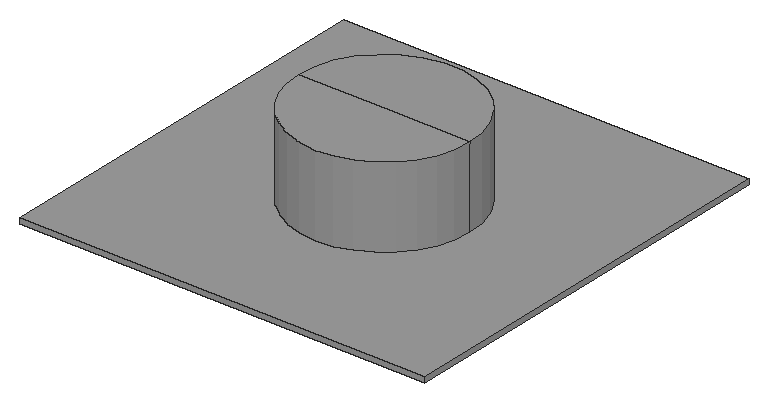
Revit family "Flashing_Preformed_Hyload_NutCover", category Generic Models, Revit 2016
Family settings
  Part Type = Normal
  Can host rebar = No
  Round Connector Dimension = Use Diameter
  OmniClass Number = 23.20.30.24.11
  OmniClass Title = Embedded Flashing
  Work Plane-Based = No
  Always vertical = Yes
  Cut with Voids When Loaded = No
  Shared = No
  Room Calculation Point = No
Parameters (values of type "As Specified")
  Unit Width = 0' - 5"
  Unit Height = 0' - 1"
  Unit Depth = 0' - 5"
  URL = "http://www.hyload.com/"
  Thickness = 0' - 0 1/16"
  Specification = "http://www.arcat.com/sdspecs/htm04/07_65_00hyl.htm"
  Sales Information = "http://www.hyload.com/contact-us"
  Revision = "R1_12-2015"
  Product Properties = "http://www.hyload.com/masonry-flashing/preformed-shapes/"
  Product Data = "http://www.arcat.com/arcatcos/cos33/arc33176.html"
  Model = "Nut Cover"
  Manufacturer Website = "http://www.hyload.com/"
  Manufacturer Phone - Toll Free = "800-457-4056"
  Manufacturer Phone = "330-769-3546"
  Manufacturer Fax = "330-769-4153"
  Manufacturer Address = "5020 Panther Pkwy., Seville, OH 44273"
  Manufacturer = "Hyload"
  Keynote = "07 65 00"
  Hole Radius = 0' - 1"
  Flashing Material = Hyload Flashing Membrane - Grey
  Drawn By = "Robert S. Weygant / Sumex Design"
  Description = "Preformed Hyload Masonry Flashing - Nut Cover"
  Copyright = "(c) ARCAT, Inc, 2015"
  Construction Details = "http://www.arcat.com/details/hyload/hyload.html?coid=33176"
  Assembly Code = "B3010400"
Reference planes (in)
  plane 1 "Center (Front/Back)": y = 0
  plane 2: z = 0
  plane 3 "Center (Left/Right)": x = 0
  plane 4: y = 2.5
  plane 5: x = 2.5
  plane 6: z = 1
  plane 7: x = -2.5
  plane 8: y = -2.5
Forms (in)
  Extrusion 1, solid, material "Hyload Flashing Membrane - Grey" <- "Flashing Material"
    sketch origin (0, 0, 0) x (1, 0, 0) y (0, 1, 0)
      loop
        line (-2.5, 2.5) -> (-2.5, -2.5) -> (2.5, -2.5) -> (2.5, 2.5) -> (-2.5, 2.5)
      loop
        circle (0, 0) r 1
    from 0 to 0.0625 <- "Thickness"
  Revolve 2, solid, material "Hyload Flashing Membrane - Grey" <- "Flashing Material"
    sketch origin (0, 0, 0) x (1, 0, 0) y (0, 0, 1)
      loop
        line (0, 1) -> (0, 1.0625) -> (-1.0625, 1.0625) -> (-1.0625, 0.0625) -> (-1, 0.0625) -> (-1, 1) -> (0, 1)
      axis (0, 1.0625) -> (0, 0.0625)
    angle from 0 to 360
Dimensions and locks (in)
  "Unit Height": plane 6 to level
  equal spacing: plane 7, plane 3 "Center (Left/Right)", plane 5
  equal spacing: plane 4, plane 1 "Center (Front/Back)", plane 8
  "Unit Width": plane 7 to plane 5
  "Unit Depth": plane 4 to plane 8
  "Hole Radius": plane 3 "Center (Left/Right)" to Revolve 2 sketch curve
  "Thickness": Revolve 2 sketch curve to plane 6
  "Thickness": Revolve 2 sketch curve to Revolve 2 sketch curve
  "Hole Radius": radius of Extrusion 1 sketch curve
  aligned and locked: plane 2 to level
  aligned and locked: Extrusion 1 sketch curve to plane 4
  aligned and locked: Extrusion 1 sketch curve to plane 5
  aligned and locked: plane 8 to Extrusion 1 sketch curve
  aligned and locked: plane 7 to Extrusion 1 sketch curve
  aligned and locked: plane 1 "Center (Front/Back)" to Extrusion 1 sketch curve
  aligned and locked: plane 3 "Center (Left/Right)" to Extrusion 1 sketch curve
  aligned and locked: Revolve 2 sketch curve to plane 3 "Center (Left/Right)"  (x2)
  aligned and locked: plane 6 to Revolve 2 sketch curve
  aligned and locked: Extrusion 1 to Revolve 2 sketch curve
Automatic sketch dimensions
  Revolve 2 sketch curve to level = 2' - 0"
  Revolve 2 sketch curve to Revolve 2 sketch curve = 8' - 5.65632"
